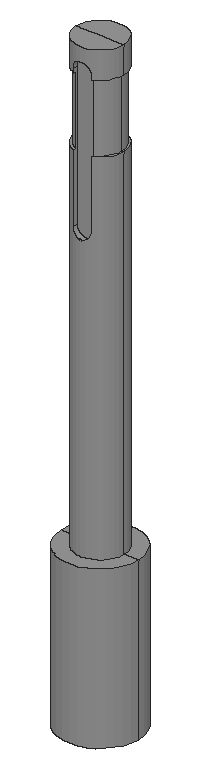
Revit family "Hammereinsatz Typ 2535 für Staberder ST, BP und OMEX", category Generic Models, Revit 2015
Parameters (values of type "2535 25")
  Width 2 = 9 mm
  Width 1 = 7.9 mm
  Width = 14.5 mm
  URL = "http://www.obo-bettermann.com"
  Material = Steel
  Manufacturer Art.No. = "3044912"
  Manufacturer = "OBO Bettermann"
  Height 4 = 52 mm
  Height 3 = 222 mm
  Height 2 = 196 mm
  Height 1 = 60.4 mm
  Height = 232 mm
  GTIN = "4012195453970"
  Article Type = "2535 25"
Types (3, lengths in mm): name | Width 1 | Manufacturer Art.No. | GTIN | Article Type
  (no name) | 7.9 | "3044912" | "4012195453970" | "2535 25"
  2535 20 | 6.9 | "3043916" | "4012195453796" | "2535 20"
  2535 25 | 7.9 | "3044912" | "4012195453970" | "2535 25"
Reference planes
  plane 1 "Center (Front/Back)": y = 0
  plane 2: z = 0
  plane 3 "Center (Left/Right)": x = 0
  plane 4: z = 227
  plane 5: z = 167
  plane 6: y = -6.831
  plane 7: y = 6.831
  plane 8: y = -30
  plane 9: y = 30
  plane 10: z = 133.521
  plane 11: z = 228.418
Forms (mm)
  Revolve 1, solid, material "Steel" <- "Material"
    sketch origin (0, 0, 0) x (1, 0, 0) y (0, 0, 1)
      loop
        line (7.9, 0) -> (14.5, 0) -> (14.5, 60.4) -> (9, 60.4) -> (9, 196) -> (8.2, 196) -> (8.2, 222) -> (9, 222) -> (9, 232) -> (0, 232) -> (0, 52) -> (7.9, 52) -> (7.9, 0)
      axis (0, 232) -> (0, 0)
    angle from 0 to 360
  Extrusion 2, void
    sketch origin (0, 0, 0) x (1, 0, 0) y (0, 0, 1)
      loop
        line (-3.4, 223.61) -> (-3.4, 170.4)
        arc (-3.4, 170.4) -> (0, 167) -> (3.4, 170.4) r 3.4
        line (3.4, 170.4) -> (3.4, 223.61)
        arc (3.4, 223.61) -> (0, 227.01) -> (-3.4, 223.61) r 3.4
    from -30 to 30
  Extrusion 3, solid, material "Steel" <- "Material"
    sketch origin (0, 0, 0) x (1, 0, 0) y (0, 1, 0)
      loop
        line (-3.5, 6.831) -> (-3.5, -6.831) -> (3.5, -6.831) -> (3.5, 6.831) -> (-3.5, 6.831)
    from 133.521 to 228.418
Cuts and joins
  Extrusion 2 cuts Revolve 1
Dimensions and locks
  "Width": Revolve 1 sketch curve to plane 3 "Center (Left/Right)"
  "Width 1": Revolve 1 sketch curve to plane 3 "Center (Left/Right)"
  "Width 2": Revolve 1 sketch curve to plane 3 "Center (Left/Right)"
  "Height 4": Revolve 1 sketch curve to level
  "Height 1": Revolve 1 sketch curve to level
  "Height 2": Revolve 1 sketch curve to level
  "Height 3": Revolve 1 sketch curve to level
  "Height": Revolve 1 sketch curve to level
  locked: Revolve 1 sketch curve to Revolve 1 sketch curve at 8.2
  locked: Extrusion 2 sketch curve to Extrusion 2 sketch curve at 6.8
  equal spacing: Extrusion 2 sketch curve, plane 3 "Center (Left/Right)", Extrusion 2 sketch curve, locked at 3.4 each
  locked: Revolve 1 to plane 5 at 65
  locked: Revolve 1 to plane 4 at 5
  locked: plane 9 to plane 8 at 60
  equal spacing: plane 9, plane 1 "Center (Front/Back)", plane 8, locked at 30 each
  plane 7 to plane 6 = 13.662 mm
  equal spacing: plane 7, plane 1 "Center (Front/Back)", plane 6, locked at 6.831 each
  locked: Extrusion 3 sketch curve to Extrusion 3 sketch curve at 7
  equal spacing: Extrusion 3 sketch curve, plane 3 "Center (Left/Right)", Extrusion 3 sketch curve, locked at 3.5 each
  locked: plane 10 to level at 133.521
  locked: plane 11 to plane 10 at 94.897
  aligned and locked: level to plane 2
  aligned and locked: level to Revolve 1 sketch curve
  aligned and locked: plane 3 "Center (Left/Right)" to Revolve 1 sketch curve
  aligned and locked: Revolve 1 sketch curve to Revolve 1 sketch curve
  aligned and locked: Revolve 1 sketch curve to plane 3 "Center (Left/Right)"
  aligned and locked: Extrusion 2 sketch curve to Extrusion 2 sketch curve  (x2)
  aligned and locked: plane 8 to Extrusion 2
  aligned and locked: Extrusion 2 to plane 9
  aligned and locked: Extrusion 3 sketch curve to plane 6
  aligned and locked: plane 7 to Extrusion 3 sketch curve
  aligned and locked: Extrusion 3 to plane 10
  aligned and locked: plane 11 to Extrusion 3
Automatic sketch dimensions
  Revolve 1 sketch curve to level = 366.045 mm
  Revolve 1 sketch curve to Revolve 1 sketch curve = 1982.315 mm
  Extrusion 2 sketch curve to plane 3 "Center (Left/Right)" = 0 mm
  plane 5 to Extrusion 2 sketch curve = 3.4 mm
  Extrusion 2 sketch curve to plane 4 = 3.39 mm
  Extrusion 2 sketch curve to Extrusion 2 sketch curve = 0 mm
